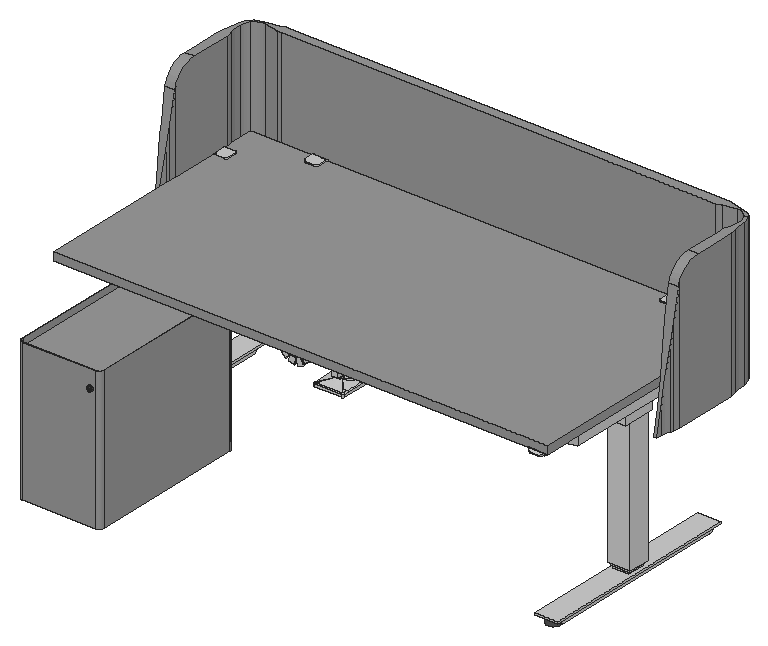
Revit family "Haworth_HiYa_MotorDriven_Rectangle_Desk_EU_PRELIMINARY", category Furniture Systems, Revit 2018
Family settings
  Round Connector Dimension = Use Diameter
  Part Type = Normal
  OmniClass Number = 23.40.70.14.64.21
  OmniClass Title = Systems Furniture
  Work Plane-Based = No
  Always vertical = Yes
  Cut with Voids When Loaded = No
  Shared = No
  Room Calculation Point = No
Parameters (values of type "180w x 90d - with Mobile Pedestal")
  w/o Mobile Pedestal [instance] = not(or(Mobile Pedestal, Hinged Doors, Sliding Door))  # no
  Without Cable Outlet [instance] = not(With Cable Outlet)  # yes
  With Screen [instance] = yes
  With Cable Outlet [instance] = and(or(Cable Outlet U, Cable Outlet Center, Cable Outlet Round))  # no
  Warranty = "http://www.haworth.com/resources/product-info/warranties"
  URL - Product = "https://www.haworth.com/eu/en/products/office-desks/hiya.html"
  Table Finish [instance] = Haworth _ Laminate _ Undecided _ Table
  Suspended Pedestal [instance] = and(or(Open Drawer, Box File, Open with Box Drawer))  # no
  Sliding Door = yes
  Security Drawer [instance] = no
  Screen Width = Actual Width + 2 cm  # 182 cm
  Screen Finish [instance] = Haworth _ Fabric _ Undecided _ Screen
  Pedestal Finish [instance] = Haworth _ Laminate _ Undecided _ Storage
  Open with Box Drawer = no
  Open Drawer = no
  Mobile Pedestal [instance] = and(or(Hinged Doors, Sliding Door))  # yes
  Hinged Doors = no
  Front Finish [instance] = Haworth _ Laminate _ Undecided _ Storage
  Drawer Finish [instance] = Haworth _ Wood _ Undecided _ Tables
  Connection Width = Actual Width - 22 cm  # 158 cm
  Case Finish [instance] = Haworth _ Paint _ Plaster
  Case Bottom Panel Finish [instance] = Haworth _ Wood _ Undecided _ Tables
  Cable Tray Finish [instance] = Haworth _ Polymer _ Undecided
  Cable Tray [instance] = yes
  Cable Chain [instance] = yes
  Cable Outlet U = no
  Cable Outlet Round = no
  Cable Outlet Center = no
  Cable Length = Actual Width - 40 cm  # 140 cm
  Cable Finish [instance] = Haworth _ Paint _ Undecided _ Table
  Model = "HYMLD"  # constant formula
  Min. Height = 65 cm  # constant formula
  Max. Height = 130 cm  # constant formula
  Height = 65 cm  # constant formula
  Description = "Haworth - HiYa - Motor Driven - Rectangular - Desk"  # constant formula
  Width = 180 cm
  URL = "https://www.haworth.com/eu/en.html"
  Table Thickness = 3 cm  # constant formula
  Size = "Verify Final Dim. w/ Haworth"  # constant formula
  Revision Number = "0"  # constant formula
  Standard Widths = "120, 140, 160, 180 cm"  # constant formula
  Standard Depths = "70, 80, 90 cm"  # constant formula
  Min. Width = 120 cm  # constant formula
  Max. Width = 180 cm  # constant formula
  Min. Depth = 70 cm  # constant formula
  Max. Depth = 90 cm  # constant formula
  Manufacturer = "Haworth, Inc."  # constant formula
  Leg Height = Actual Height - Table Thickness  # 62 cm
  Box File = no
  Base Finish [instance] = Haworth _ Paint _ Undecided _ Table
  Author = "Haworth (Abd Rahman)"  # constant formula
  Assembly Code = "E2020200"
  Actual Width = if(Width < Min. Width, Min. Width, if(Width > Max. Width, Max. Width, Width))  # 180 cm
  Actual Height = if(Height > Max. Height, Max. Height, if(Height < Min. Height, Min. Height, Height))  # 65 cm
  Actual Depth = 90 cm
Reference planes (cm)
  plane 1 "Center F/B": y = 0
  plane 2: z = 0
  plane 3 "Center L/R": x = 0
  plane 4 "Table Edge Left": x = -90
  plane 5 "Table Edge Right": x = 90
  plane 6 "Table Edge Back": y = 45
  plane 7 "Table Edge Front": y = -45
  plane 8 "Top": z = 65
  plane 9 "Top Bottom": z = 62
  plane 10 "Left Leg": x = -79
  plane 11 "Right Leg": x = 79
  plane 12 "Table Top": z = 65.81
  plane 13: x = 85.985
  plane 14: y = 35
  plane 15: y = 40
Forms (cm)
  Extrusion 1, solid, material "Haworth _ Laminate _ Undecided _ Table" <- "Table Finish"
    sketch origin (0, 0, 65) x (-1, 0, 0) y (0, -1, 0)
      loop
        line (90, -45) -> (90, 45) -> (-90, 45) -> (-90, -45) -> (90, -45)
    from 0 to -3
Lines and regions (cm)
  Masking region 1
    outline origin (0, 0, 65) x (-1, 0, 0) y (0, -1, 0)
      loop
        line (90, -45) -> (90, 45) -> (-90, 45) -> (-90, -45) -> (90, -45)
  symbolic lines, style "FurnitureSystemsHiddenLines", detail levels medium+fine
    curve 1: line (-79, 2.8828, 65.81) -> (79, 2.8828, 65.81)
    curve 2: line (-79, 14.8972, 65.81) -> (79, 14.8972, 65.81)
Dimensions and locks (cm)
  "Actual Width": plane 4 "Table Edge Left" to plane 5 "Table Edge Right"
  equal spacing: plane 4 "Table Edge Left", plane 3 "Center L/R", plane 5 "Table Edge Right"
  "Actual Depth": plane 6 "Table Edge Back" to plane 7 "Table Edge Front"
  equal spacing: plane 6 "Table Edge Back", plane 1 "Center F/B", plane 7 "Table Edge Front"
  "Actual Height": plane 8 "Top" to level
  "Table Thickness": plane 8 "Top" to plane 9 "Top Bottom"
  locked: plane 4 "Table Edge Left" to plane 10 "Left Leg" at 11
  locked: plane 11 "Right Leg" to plane 5 "Table Edge Right" at 11
  locked: plane 12 "Table Top" to plane 9 "Top Bottom" at 3.81
  locked: plane 11 "Right Leg" to plane 13 at 6.985
  locked: nested 9 to plane 4 "Table Edge Left" at 35
  locked: nested 8 to plane 5 "Table Edge Right" at 35
  locked: plane 14 to plane 6 "Table Edge Back" at 10
  locked: plane 6 "Table Edge Back" to plane 15 at 5
  aligned and locked: plane 4 "Table Edge Left" to Extrusion 1 sketch curve
  aligned and locked: Extrusion 1 sketch curve to plane 6 "Table Edge Back"
  aligned and locked: plane 7 "Table Edge Front" to Extrusion 1 sketch curve
  aligned and locked: Extrusion 1 sketch curve to plane 5 "Table Edge Right"
  aligned and locked: Extrusion 1 to plane 9 "Top Bottom"
  aligned and locked: plane 8 "Top" to Extrusion 1
  aligned and locked: plane 10 "Left Leg" to curve 1
  aligned and locked: plane 10 "Left Leg" to curve 2
  aligned and locked: plane 11 "Right Leg" to curve 1
  aligned and locked: plane 11 "Right Leg" to curve 2
  aligned and locked: plane 5 "Table Edge Right" to Masking region 1
  aligned and locked: plane 4 "Table Edge Left" to Masking region 1
  aligned and locked: Masking region 1 to plane 7 "Table Edge Front"
  aligned and locked: plane 6 "Table Edge Back" to Masking region 1
  aligned and locked: nested 1 to plane 13
  aligned and locked: plane 9 "Top Bottom" to nested 1
  aligned and locked: plane 11 "Right Leg" to nested 2
  aligned and locked: nested 3 to plane 10 "Left Leg"
  aligned and locked: plane 1 "Center F/B" to nested 3
  aligned and locked: plane 10 "Left Leg" to nested 5
  aligned and locked: plane 8 "Top" to nested 6
  aligned and locked: plane 8 "Top" to nested 5
  aligned and locked: plane 3 "Center L/R" to nested 7
  aligned and locked: nested 7 to plane 8 "Top"
  aligned and locked: plane 6 "Table Edge Back" to nested 9
  aligned and locked: nested 8 to Extrusion 1
  aligned and locked: Extrusion 1 to nested 9
  aligned and locked: plane 14 to nested 4
  aligned and locked: plane 3 "Center L/R" to nested 10
  aligned and locked: nested 10 to plane 14
  aligned and locked: plane 9 "Top Bottom" to nested 10
  aligned and locked: plane 11 "Right Leg" to nested 6
  aligned and locked: nested 12 to plane 7 "Table Edge Front"
  aligned and locked: plane 7 "Table Edge Front" to nested 11
  aligned and locked: plane 9 "Top Bottom" to nested 11
  aligned and locked: plane 7 "Table Edge Front" to nested 13
  aligned and locked: plane 9 "Top Bottom" to nested 13
  aligned and locked: nested 11 to nested 2
  aligned and locked: nested 13 to nested 2
  aligned and locked: nested 12 to nested 2
  aligned and locked: nested 4 to nested 10
  aligned and locked: plane 8 "Top" to nested 14
  aligned and locked: nested 14 to plane 3 "Center L/R"
  aligned and locked: nested 8 to plane 6 "Table Edge Back"
  aligned and locked: Extrusion 1 to nested 14
  aligned and locked: nested 7 to plane 15
  aligned and locked: nested 6 to plane 15
  aligned and locked: nested 5 to plane 15
Automatic sketch dimensions
  Masking region 1 sketch curve to plane 5 "Table Edge Right" = 0 cm
  Masking region 1 sketch curve to plane 4 "Table Edge Left" = 0 cm
  Masking region 1 sketch curve to plane 6 "Table Edge Back" = 0 cm
  Masking region 1 sketch curve to plane 7 "Table Edge Front" = 0 cm
  curve 2 to plane 1 "Center F/B" = 14.8972 cm
  curve 1 to plane 1 "Center F/B" = 2.8828 cm
Nested families (cm)
  nested 1: "Haworth_HOPTable_TableController" at (85.985, -45, 61.7256) x (1, 0, 0) z (0, -1, 0), type "Haworth_HOPTable_TableController"
  nested 2: "Haworth_Lyft_Leg_PART" at (83.1275, 0, 0) x (-1, 0, 0) z (0, 0, 1), type "Leg"
    with Cable yes, Tube distance 0 cm, Top Support Front 35.8775 cm, Center Leg yes, Leg Length Middle 23.1775 cm, Leg Length Front 37.1475 cm, Leg Length Back 37.1475 cm, Leg Height 62 cm, Cable Width 158 cm, Actual Depth 69.6913 cm, 29 Depth yes, 23 Depth no
  nested 3: "Haworth_Lyft_Leg_PART" at (-83.1275, 0, 0), type "Leg"
    with Tube distance 0 cm, Top Support Front 35.8775 cm, Center Leg yes, Leg Length Middle 23.1775 cm, Leg Length Front 37.1475 cm, Leg Length Back 37.1475 cm, Leg Height 62 cm, Cable Width 158 cm, Cable no, Actual Depth 69.6913 cm, 29 Depth yes, 23 Depth no
  nested 4: "Haworth_CableChain_PART" at (-99.256, 26.0198, 0) x (-1, 0, 0) z (0, 0, 1), Cable Finish <- "Cable Finish", visible <- "Cable Chain", type "Cable Chain"
    with Cable Finish Haworth _ Paint _ Undecided _ Table
  nested 5: "Haworth_CableOutlet_Round_PART" at (-58.8141, 64.71, 12.7768), visible <- "Cable Outlet Round", type "Cable Outlet"
  nested 6: "Haworth_CableOutlet_Round_PART" at (90.1859, 64.71, 12.7768), visible <- "Cable Outlet Round", type "Cable Outlet"
  nested 7: "Haworth-Flip_Top" at (-1.4487, 34.3667, -8.66), visible <- "Cable Outlet Center", type "Flip Top"
    with Actual Width 20 cm, Actual Depth 11 cm
  nested 8: "Haworth_CableOutlet_U-Shape_PART" at (67.1859, 71.4831, 9.2768), visible <- "Cable Outlet U", type "Cable Outlet"
  nested 9: "Haworth_CableOutlet_U-Shape_PART" at (-67.1859, 71.4831, 9.2768) x (-1, 0, 0) z (0, 0, 1), visible <- "Cable Outlet U", type "Cable Outlet"
  nested 10: "Haworth_Lyft_CableTray_Horizontal-PART" at (0, 25.2, -9.5), visible <- "Cable Tray", type "Cable tray"
    with Actual Width 140 cm
  nested 11: "Haworth_ActiveComponents_SecurityDrawer" at (-59.5531, 2.625, -8.485), visible <- "Security Drawer", Drawer Finish <- "Drawer Finish", Case Finish <- "Case Finish", type "Security Drawer"
    with Drawer Finish Haworth _ Wood _ Undecided _ Tables, Case Finish Haworth _ Paint _ Plaster
  nested 12: "Haworth_MobilePedestal_EU_PRELIMINARY" at (-48.3141, -15.79, 0), visible <- "Mobile Pedestal", Pedestal Finish <- "Pedestal Finish", Front Finish <- "Front Finish", type "Mobile pedestal"
    with Pedestal Finish Haworth _ Laminate _ Undecided _ Storage, Front Finish Haworth _ Laminate _ Undecided _ Storage, Hinged Doors no
  nested 13: "Haworth_ActiveComponents_SuspendedPedestal" at (-67.1731, 2.625, -8.485), visible <- "Suspended Pedestal", Drawer Finish <- "Drawer Finish", Case Finish <- "Case Finish", Case Bottom Panel Finish <- "Case Bottom Panel Finish", type "Box File"
    with Drawer Finish Haworth _ Wood _ Undecided _ Tables, Case Finish Haworth _ Paint _ Plaster, Case Bottom Panel Finish Haworth _ Wood _ Undecided _ Tables
  nested 14: "Haworth_BuzziWrap_DeskFull_53h_LIMITED" at (-57.0494, 42.6881, -27.7475), visible <- "With Screen", Upholstery Finish <- "Screen Finish", type "BuzziWrap - Desk Full"
    with Upholstery Finish Haworth _ Fabric _ Undecided _ Screen, Actual Width 182 cm
Definition of nested family "Haworth_HOPTable_TableController"
  Parameters (values of type "Haworth_HOPTable_TableController")
    Table Finish = none
    Default Elevation = 121.92 cm
  Reference planes (cm)
    plane 1 "Center (Front/Back)": y = 0
    plane 2: z = 0
    plane 3 "Center (Left/Right)": x = 0
  Forms (cm)
    Extrusion 1, solid
      sketch origin (0, 0, 0) x (1, 0, 0) y (0, 1, 0)
        loop
          line (-121.92, 121.92) -> (-121.92, -121.92) -> (121.92, -121.92) -> (121.92, 121.92) -> (-121.92, 121.92)
      from 0 to -30.48
    Extrusion 2, solid, material <- "Table Finish"
      sketch origin (0.0127, 0, -0.9303) x (-1, 0, -0.000024) y (0.000024, 0, -1)
        loop
          line (-2.9544, -0.9302) -> (2.9543, -0.9304)
          spline (2.9543, -0.9304) -> (3.1709, -0.1288) -> (3.0569, 0.6862) -> (2.6242, 1.4297) -> (1.918, 2.0242) -> (1.0118, 2.4076) -> (0.0001, 2.54) -> (-1.0116, 2.4076) -> (-1.9178, 2.0243) -> (-2.6241, 1.4299) -> (-3.0569, 0.6864) -> (-3.1709, -0.1286) -> (-2.9544, -0.9302)
      from -0.2744 to 0.3422
    Extrusion 3, solid
      sketch origin (0.0425, -26.1221, -15.24) x (-1, 0, 0) y (0, -0.5, 0.866025)
        loop
          arc (2.9918, 0) -> (2.4285, 0.7944) -> (1.5926, 1.2941) r 2.3624
          arc (1.5926, 1.2941) -> (0.028, 1.2434) -> (-1.5367, 1.2941) r 24.1479
          arc (-1.5367, 1.2941) -> (-2.3668, 0.7947) -> (-2.9208, 0) r 2.3219
          line (-2.9208, 0) -> (2.9918, 0)
      from 30.2464 to 30.48
  Lines and regions (cm)
    symbolic lines, detail levels medium+fine
      curve 1: arc (2.9879, 0, 0) -> (2.4057, 0, 0.7041) -> (1.5926, 0, 1.1208) r 2.2646
      curve 2: arc (1.5926, 0, 1.1208) -> (0.028, 0, 1.0775) -> (-1.5367, 0, 1.1208) r 28.2965
      curve 3: arc (-1.5367, 0, 1.1208) -> (-2.3476, 0, 0.7072) -> (-2.9208, 0, 0) r 2.1934
  Dimensions and locks (cm)
    aligned and locked: plane 2 to Extrusion 1
    aligned and locked: level to Extrusion 1
Definition of nested family "Haworth_Lyft_Leg_PART"
  Parameters (values of type "Leg")
    Tube distance = if(Center Leg, 0 cm, if([29 Depth], 8.89 cm, 8.255 cm))  # 8.255 cm
    Top Support Front = if([29 Depth], 35.8775 cm, 20.6375 cm)  # 20.6375 cm
    Center Leg = no
    Support Finish = none
    Leg Length Middle = if([29 Depth], 23.1775 cm, 18.0975 cm)  # 18.0975 cm
    Leg Length Front = if([29 Depth], 37.1475 cm, 29.5275 cm)  # 29.5275 cm
    Leg Length Back = if([29 Depth], 37.1475 cm, 29.5275 cm)  # 29.5275 cm
    Leg Height = 85.8838 cm
    Leg Finish = none
    Cable Width = 63.5 cm
    Cable [instance] = yes
    Assembly Code = ""
    Actual Depth = if([29 Depth], 69.6913 cm, 54.4513 cm)  # 54.4513 cm
    29 Depth = not([23 Depth])  # no
    23 Depth = yes
  Reference planes (cm)
    plane 1 "Center (Front/Back)": y = 0
    plane 2 "Base": z = 0
    plane 3 "Center (Left/Right)": x = 0
    plane 4 "Bottom of Top": z = 85.8838
    plane 5 "Top of Base": z = 3.1736
    plane 6: z = 2.3735
    plane 7: y = 26.035
    plane 8: y = -26.035
    plane 9 "bot leg": x = 3.4925
    plane 10: x = -3.4925
    plane 11: x = -4.1275
    plane 12: x = 4.1275
    plane 13 "Back": y = 29.5275
    plane 14 "Front": y = -29.5275
    plane 15: z = 16.0492
    plane 16: z = 28.9247
    plane 17 "Horizontal Support Base": z = 77.3247
    plane 18: y = 11.255
    plane 19: y = 11.755
    plane 20: y = 12.255
    plane 21: y = 5.255
    plane 22: y = 4.755
    plane 23: y = 4.255
    plane 24: z = 0.6934
    plane 25: y = 27.6225
    plane 26: y = -27.6225
    plane 27: y = -23.781
    plane 28: y = 23.781
    plane 29: z = 85.2266
    plane 30: z = 82.7832
    plane 31 "Center tube": y = 8.255
    plane 32 "Table Top": z = 89.6937
    plane 33: x = 67.6275
  Forms (cm)
    Extrusion 1, solid, material <- "Leg Finish"
      sketch origin (0, 0, 0) x (0, -1, 0) y (0, 0, -1)
        loop
          line (29.5275, -3.1736) -> (29.5275, -2.3735) -> (-29.5275, -2.3735) -> (-29.5275, -3.1736) -> (29.5275, -3.1736)
      from -4.1275 to 4.1275
    Extrusion 2, solid, material <- "Support Finish"
      sketch origin (0, 0, 0) x (1, 0, 0) y (0, 1, 0)
        loop
          circle (0, 26.035) r 2.54
        loop
          circle (0, -26.035) r 2.54
      from 0 to 2.3735
    Extrusion 3, solid, material <- "Leg Finish"
      sketch origin (1.4125, 0.4568, 0) x (1, 0, 0) y (0, 1, 0)
        loop
          line (-4.4125, 10.7982) -> (-4.4125, 4.7982) -> (1.5875, 4.7982) -> (1.5875, 10.7982) -> (-4.4125, 10.7982)
      from 3.1736 to 16.0492
    Extrusion 4, solid, material <- "Leg Finish"
      sketch origin (0, -13.3632, 0) x (1, 0, 0) y (0, 1, 0)
        loop
          line (-3.4925, 25.1182) -> (-3.4925, 18.1182) -> (3.4925, 18.1182) -> (3.4925, 25.1182) -> (-3.4925, 25.1182)
      from 16.0492 to 28.9247
    Extrusion 5, solid, material <- "Leg Finish"
      sketch origin (0, -13.3632, 0) x (1, 0, 0) y (0, 1, 0)
        loop
          line (-4.1275, 25.6182) -> (-4.1275, 17.6182) -> (4.1275, 17.6182) -> (4.1275, 25.6182) -> (-4.1275, 25.6182)
      from 28.9247 to 77.3247
    Extrusion 6, solid, material <- "Leg Finish"
      sketch origin (0, -13.3632, 0) x (0, 1, 0) y (0, 0, 1)
        loop
          line (13.2182, 85.8837) -> (13.2182, 85.2266) -> (15.611, 85.2266) -> (15.611, 77.3247) -> (27.6253, 77.3247) -> (27.6253, 85.2266) -> (30.0182, 85.2266) -> (30.0182, 85.8837) -> (13.2182, 85.8837)
      from -4.1275 to 4.1275
    Extrusion 7, solid, material <- "Leg Finish"
      sketch origin (0, 0, 0) x (1, 0, 0) y (0, 0, 1)
        loop
          line (-6.907, 85.8838) -> (-6.907, 82.7832) -> (-4.1275, 82.7832) -> (-4.1275, 85.8838) -> (-6.907, 85.8838)
      from -23.781 to 23.781
    Extrusion 8, solid, material <- "Leg Finish"
      sketch origin (0, 0, 0) x (0, 1, 0) y (0, 0, 1)
        loop
          line (23.781, 85.8837) -> (23.781, 82.7832) -> (27.6225, 85.2468) -> (27.6225, 85.8837) -> (23.781, 85.8837)
        loop
          line (-23.781, 82.7832) -> (-23.781, 85.8837) -> (-27.6225, 85.8837) -> (-27.6225, 85.2468) -> (-23.781, 82.7832)
      from -6.907 to -4.1275
    Extrusion 9, solid, material <- "Leg Finish"
      sketch origin (3.4925, 0, 0) x (0, -1, 0) y (0, 0, -1)
        loop
          line (27.6225, -2.3735) -> (26.035, -0.6934) -> (-26.035, -0.6934) -> (-27.6225, -2.3735) -> (27.6225, -2.3735)
      from 0 to -6.985
    Extrusion 10, solid, material <- "Leg Finish", visible <- "Cable"
      sketch origin (0, 0, 0) x (0, 1, 0) y (0, 0, 1)
        loop
          line (14.2622, 77.3247) -> (14.2622, 85.2266) -> (2.2478, 85.2266) -> (2.2478, 77.3247) -> (14.2622, 77.3247)
      from 4.1275 to 67.6275
  Lines and regions (cm)
    symbolic lines, detail levels medium+fine
      curve 1: line (-4.1275, 29.5275, 0) -> (4.1275, 29.5275, 0)
      curve 2: line (-4.1275, -29.5275, 0) -> (-4.1275, 29.5275, 0)
      curve 3: line (4.1275, -29.5275, 0) -> (-4.1275, -29.5275, 0)
      curve 4: line (4.1275, 29.5275, 0) -> (4.1275, -29.5275, 0)
      curve 5: line (-4.1275, 29.5275, 89.6938) -> (4.1275, 29.5275, 89.6938)
      curve 6: line (-4.1275, 29.5275, 89.6938) -> (-4.1275, -29.5275, 89.6937)
      curve 7: line (-4.1275, -29.5275, 89.6937) -> (4.1275, -29.5275, 89.6937)
      curve 8: line (4.1275, -29.5275, 89.6937) -> (4.1275, 29.5275, 89.6938)
      curve 9: line (-4.1275, 16.655, 89.6938) -> (4.1275, 16.655, 89.6938)
      curve 10: line (4.1275, 2.2478, 89.6937) -> (-4.1275, 2.2478, 89.6937)
  Dimensions and locks (cm)
    "Leg Height": plane 4 "Bottom of Top" to level
    locked: plane 10 to plane 9 "bot leg" at 6.985
    locked: plane 11 to plane 12 at 8.255
    equal spacing: plane 11, plane 3 "Center (Left/Right)", plane 12
    equal spacing: plane 10, plane 3 "Center (Left/Right)", plane 9 "bot leg"
    "Leg Length Front": plane 14 "Front" to plane 1 "Center (Front/Back)"
    "Leg Length Back": plane 1 "Center (Front/Back)" to plane 13 "Back"
    locked: plane 4 "Bottom of Top" to plane 17 "Horizontal Support Base" at 8.5591
    locked: plane 17 "Horizontal Support Base" to plane 16 at 48.4
    locked: plane 5 "Top of Base" to plane 6 at 0.8001
    plane 13 "Back" to plane 7 = 3.4925 cm
    locked: plane 8 to plane 14 "Front" at 3.4925
    locked: plane 6 to level at 2.3735
    locked: plane 7 to plane 25 at 1.5875
    locked: plane 26 to plane 8 at 1.5875
    locked: plane 27 to plane 14 "Front" at 5.7465
    locked: plane 13 "Back" to plane 28 at 5.7465
    locked: plane 4 "Bottom of Top" to plane 29 at 0.6571
    locked: plane 4 "Bottom of Top" to plane 30 at 3.1005
    locked: plane 22 to plane 21 at 0.5
    locked: plane 22 to plane 23 at 0.5
    locked: plane 21 to plane 31 "Center tube" at 3
    locked: plane 19 to plane 18 at 0.5
    locked: plane 19 to plane 20 at 0.5
    locked: plane 31 "Center tube" to plane 18 at 3
    "Tube distance": plane 31 "Center tube" to plane 1 "Center (Front/Back)"
    equal spacing: plane 16, plane 15, plane 5 "Top of Base"
    locked: Extrusion 8 to Extrusion 8 at 2.7795
    locked: plane 32 "Table Top" to plane 4 "Bottom of Top" at 3.81
    "Cable Width": plane 12 to plane 33
    aligned and locked: plane 12 to Extrusion 1
    aligned and locked: Extrusion 1 to plane 11
    aligned and locked: plane 18 to Extrusion 3
    aligned and locked: plane 21 to Extrusion 3
    aligned and locked: plane 5 "Top of Base" to Extrusion 3
    aligned and locked: plane 15 to Extrusion 3
    aligned and locked: plane 19 to Extrusion 4 sketch curve
    aligned and locked: plane 10 to Extrusion 4 sketch curve
    aligned and locked: plane 22 to Extrusion 4 sketch curve
    aligned and locked: Extrusion 4 sketch curve to plane 9 "bot leg"
    aligned and locked: Extrusion 4 to plane 15
    aligned and locked: plane 16 to Extrusion 4
    aligned and locked: plane 11 to Extrusion 5 sketch curve
    aligned and locked: plane 20 to Extrusion 5 sketch curve
    aligned and locked: Extrusion 5 sketch curve to plane 12
    aligned and locked: plane 23 to Extrusion 5 sketch curve
    aligned and locked: Extrusion 5 to plane 16
    aligned and locked: Extrusion 5 to plane 17 "Horizontal Support Base"
    aligned and locked: level to plane 2 "Base"
    aligned and locked: Extrusion 7 to plane 28
    aligned and locked: Extrusion 7 to plane 27
    aligned and locked: Extrusion 8 to Extrusion 7
    aligned and locked: Extrusion 8 to Extrusion 6
    aligned and locked: curve 4 to plane 12
    aligned and locked: plane 14 "Front" to curve 3
    aligned and locked: plane 11 to curve 2
    aligned and locked: Extrusion 7 to Extrusion 6
    aligned and locked: plane 4 "Bottom of Top" to Extrusion 7
    aligned and locked: plane 4 "Bottom of Top" to Extrusion 8  (x2)
    aligned and locked: plane 25 to Extrusion 8
    aligned and locked: Extrusion 8 to plane 26
    aligned and locked: plane 4 "Bottom of Top" to Extrusion 6
    aligned and locked: Extrusion 6 to plane 29  (x2)
    aligned and locked: Extrusion 7 to plane 30
    aligned and locked: Extrusion 6 to plane 11
    aligned and locked: plane 12 to Extrusion 6
    aligned and locked: Extrusion 9 to plane 10
    aligned and locked: Extrusion 2 to plane 6
    aligned and locked: Extrusion 10 sketch curve to Extrusion 6  (x3)
    aligned and locked: Extrusion 6 to Extrusion 10 sketch curve
    aligned and locked: Extrusion 10 to plane 12
    aligned and locked: Extrusion 10 to plane 33
  Automatic sketch dimensions
    plane 5 "Top of Base" to Extrusion 1 sketch curve = 0 cm
    Extrusion 1 sketch curve to plane 13 "Back" = 0 cm
    plane 6 to Extrusion 1 sketch curve = 0 cm
    Extrusion 1 sketch curve to plane 14 "Front" = 0 cm
    Extrusion 2 sketch curve to plane 3 "Center (Left/Right)" = 0 cm  (x2)
    Extrusion 2 sketch curve to plane 8 = 0 cm
    Extrusion 2 sketch curve to plane 7 = 0 cm
    plane 21 to Extrusion 3 sketch curve = 0 cm
    Extrusion 3 sketch curve to plane 18 = 0 cm
    plane 17 "Horizontal Support Base" to Extrusion 6 sketch curve = 0 cm
    plane 30 to Extrusion 6 sketch curve = 3.1005 cm
    Extrusion 6 sketch curve to plane 23 = 4.4 cm
    Extrusion 6 sketch curve to plane 23 = 2.0072 cm
    Extrusion 6 sketch curve to plane 20 = 2.0072 cm
    plane 30 to Extrusion 6 sketch curve = 2.4434 cm  (x2)
    Extrusion 6 sketch curve to Extrusion 6 sketch curve = 2.3928 cm
    Extrusion 7 sketch curve to plane 4 "Bottom of Top" = 0 cm
    Extrusion 7 sketch curve to plane 30 = 0 cm
    Extrusion 7 sketch curve to plane 11 = 2.7795 cm
    Extrusion 7 sketch curve to plane 11 = 0 cm
    Extrusion 8 sketch curve to plane 27 = 0 cm
    Extrusion 8 sketch curve to plane 4 "Bottom of Top" = 0 cm  (x2)
    Extrusion 8 sketch curve to plane 28 = 0 cm
    Extrusion 8 sketch curve to plane 30 = 0 cm  (x2)
    plane 29 to Extrusion 8 sketch curve = 0.0202 cm  (x2)
    curve 2 to plane 13 "Back" = 0 cm
    plane 26 to Extrusion 8 sketch curve = 0 cm
    Extrusion 8 sketch curve to plane 25 = 0 cm
    plane 6 to Extrusion 9 sketch curve = 0 cm
    Extrusion 9 sketch curve to plane 25 = 0 cm
    Extrusion 9 sketch curve to plane 7 = 0 cm
    Extrusion 9 sketch curve to plane 8 = 0 cm
    Extrusion 9 sketch curve to plane 26 = 0 cm
    Extrusion 9 sketch curve to plane 24 = 0 cm
    plane 10 to Extrusion 3 sketch curve = 0.4925 cm
    Extrusion 3 sketch curve to plane 9 "bot leg" = 0.4925 cm
    curve 10 to plane 12 = 0 cm
    curve 6 to plane 11 = 0 cm
    curve 5 to plane 13 "Back" = 0 cm
    curve 7 to plane 14 "Front" = 0 cm
    curve 9 to plane 20 = 4.4 cm
    curve 10 to plane 23 = 2.0072 cm
    radius of Extrusion 2 sketch curve = 2.54 cm  (x2)
Definition of nested family "Haworth_CableChain_PART"
  Parameters (values of type "Cable Chain")
    Warranty = "http://haworth.com/product-info/warranties"
    Model = "Cable - Chain"  # constant formula
    Description = "Haworth - Cable - Chain - PART"  # constant formula
    URL = "http://www.haworth.com/"
    Table Thickness = 3.0163 cm  # constant formula
    Size = "Verify Final Dim. w/ Haworth"  # constant formula
    Revision Number = "1"  # constant formula
    Manufacturer = "Haworth, Inc."  # constant formula
    Cable Finish [instance] = none
    Author = "Haworth (Abd Rahman)"  # constant formula
    Assembly Code = "E2020200"
    Actual Width = 26 cm  # constant formula
    Actual Depth = 11 cm  # constant formula
  Reference planes (cm)
    plane 1: z = 0.0356
    plane 2: z = 0.7856
    plane 3 "Right": x = -29.256
    plane 4: x = -55.256
    plane 5: x = -42.256
    plane 6: y = 14.4802
    plane 7 "Front": y = 3.4802
    plane 8: y = 8.9802
    plane 9: z = 64.6419
  Forms (cm)
    Extrusion 1, solid, material <- "Cable Finish"
      sketch origin (0, 0, 0) x (1, 0, 0) y (0, 1, 0)
        loop
          line (-31.4914, 6.356) -> (-29.2212, 6.356) -> (-29.2212, 8.4975) -> (-29.4395, 8.4975) -> (-29.4395, 6.5743) -> (-31.2731, 6.5743) -> (-31.2731, 8.0316) -> (-30.8348, 8.3162) -> (-30.7166, 8.3162)
          arc (-30.7166, 8.3162) -> (-30.5227, 8.1637) -> (-30.2834, 8.1035) r 0.5925
          arc (-30.2834, 8.1035) -> (-29.7912, 8.4282) -> (-29.7561, 9.0168) r 0.6587
          line (-29.7561, 9.0168) -> (-29.2212, 9.3641) -> (-29.2212, 11.1583) -> (-31.4914, 11.1583) -> (-31.4914, 9.0168) -> (-31.2731, 9.0168) -> (-31.2731, 10.94) -> (-29.4395, 10.94) -> (-29.4395, 9.4826) -> (-29.8756, 9.1995)
          arc (-29.8756, 9.1995) -> (-30.0829, 9.3502) -> (-30.3323, 9.4092) r 0.6506
          arc (-30.3323, 9.4092) -> (-30.8947, 9.1248) -> (-30.9565, 8.4975) r 0.6547
          line (-30.9565, 8.4975) -> (-31.4914, 8.1501) -> (-31.4914, 6.356)
        loop
          line (-30.7108, 8.3818) -> (-30.0071, 8.3818) -> (-30.0071, 9.114) -> (-30.7108, 9.114) -> (-30.7108, 8.3818)
      from 58.8372 to 60.9328
    Extrusion 2, solid, material <- "Cable Finish"
      sketch origin (0, 3.4802, 0) x (-1, 0, 0) y (0, 0, 1)
        loop
          line (30.5665, 62.5725) -> (30.1633, 62.5725) -> (30.1633, 9.3599) -> (30.3551, 7.697) -> (31.5384, 5.8367) -> (32.9169, 4.9599) -> (34.4915, 4.3965) -> (36.7568, 4.6406) -> (38.1352, 5.478) -> (39.2801, 6.5848) -> (39.9527, 8.4536) -> (39.9629, 25.9332) -> (40.4458, 27.353) -> (41.0078, 28.3) -> (41.746, 29.1036) -> (42.6321, 29.725) -> (43.6378, 30.1258) -> (45.2838, 30.3388) -> (46.8479, 29.7792) -> (47.7401, 29.2117) -> (48.4845, 28.4673) -> (49.052, 27.5751) -> (49.4138, 26.5641) -> (49.5412, 25.4598) -> (49.5412, 3.3086) -> (49.946, 3.3086) -> (49.946, 25.483) -> (49.8106, 26.6566) -> (49.4179, 27.7541) -> (48.8022, 28.722) -> (47.9949, 29.5293) -> (47.0269, 30.1451) -> (45.3285, 30.7528) -> (43.5353, 30.5207) -> (42.4383, 30.0836) -> (41.4776, 29.4098) -> (40.6812, 28.5429) -> (40.0762, 27.5233) -> (39.5582, 26.0003) -> (39.548, 8.5243) -> (38.9311, 6.8104) -> (37.8864, 5.8004) -> (36.6238, 5.0334) -> (34.5404, 4.8089) -> (33.096, 5.3257) -> (32.2587, 5.8583) -> (31.56, 6.5571) -> (30.7466, 7.8358) -> (30.5665, 9.3966) -> (30.5665, 62.5725)
      from 4.9254 to 5.6239
    Extrusion 3, solid, material <- "Cable Finish"
      sketch origin (0, 0, -2.7231) x (1, 0, 0) y (0, 1, 0)
        loop
          line (-31.4914, 6.356) -> (-29.2212, 6.356) -> (-29.2212, 8.4975) -> (-29.4395, 8.4975) -> (-29.4395, 6.5743) -> (-31.2731, 6.5743) -> (-31.2731, 8.0316) -> (-30.8348, 8.3162) -> (-30.7166, 8.3162)
          arc (-30.7166, 8.3162) -> (-30.5227, 8.1637) -> (-30.2834, 8.1035) r 0.5925
          arc (-30.2834, 8.1035) -> (-29.7912, 8.4282) -> (-29.7561, 9.0168) r 0.6587
          line (-29.7561, 9.0168) -> (-29.2212, 9.3641) -> (-29.2212, 11.1583) -> (-31.4914, 11.1583) -> (-31.4914, 9.0168) -> (-31.2731, 9.0168) -> (-31.2731, 10.94) -> (-29.4395, 10.94) -> (-29.4395, 9.4826) -> (-29.8756, 9.1995)
          arc (-29.8756, 9.1995) -> (-30.0829, 9.3502) -> (-30.3323, 9.4092) r 0.6506
          arc (-30.3323, 9.4092) -> (-30.8947, 9.1248) -> (-30.9565, 8.4975) r 0.6547
          line (-30.9565, 8.4975) -> (-31.4914, 8.1501) -> (-31.4914, 6.356)
        loop
          line (-30.7108, 8.3818) -> (-30.0071, 8.3818) -> (-30.0071, 9.114) -> (-30.7108, 9.114) -> (-30.7108, 8.3818)
      from 58.8372 to 60.9328
    Extrusion 4, solid, material <- "Cable Finish"
      sketch origin (0, 0, -5.4668) x (1, 0, 0) y (0, 1, 0)
        loop
          line (-31.4914, 6.356) -> (-29.2212, 6.356) -> (-29.2212, 8.4975) -> (-29.4395, 8.4975) -> (-29.4395, 6.5743) -> (-31.2731, 6.5743) -> (-31.2731, 8.0316) -> (-30.8348, 8.3162) -> (-30.7166, 8.3162)
          arc (-30.7166, 8.3162) -> (-30.5227, 8.1637) -> (-30.2834, 8.1035) r 0.5925
          arc (-30.2834, 8.1035) -> (-29.7912, 8.4282) -> (-29.7561, 9.0168) r 0.6587
          line (-29.7561, 9.0168) -> (-29.2212, 9.3641) -> (-29.2212, 11.1583) -> (-31.4914, 11.1583) -> (-31.4914, 9.0168) -> (-31.2731, 9.0168) -> (-31.2731, 10.94) -> (-29.4395, 10.94) -> (-29.4395, 9.4826) -> (-29.8756, 9.1995)
          arc (-29.8756, 9.1995) -> (-30.0829, 9.3502) -> (-30.3323, 9.4092) r 0.6506
          arc (-30.3323, 9.4092) -> (-30.8947, 9.1248) -> (-30.9565, 8.4975) r 0.6547
          line (-30.9565, 8.4975) -> (-31.4914, 8.1501) -> (-31.4914, 6.356)
        loop
          line (-30.7108, 8.3818) -> (-30.0071, 8.3818) -> (-30.0071, 9.114) -> (-30.7108, 9.114) -> (-30.7108, 8.3818)
      from 58.8372 to 60.9328
    Extrusion 5, solid, material <- "Cable Finish"
      sketch origin (0, 0, -8.1899) x (1, 0, 0) y (0, 1, 0)
        loop
          line (-31.4914, 6.356) -> (-29.2212, 6.356) -> (-29.2212, 8.4975) -> (-29.4395, 8.4975) -> (-29.4395, 6.5743) -> (-31.2731, 6.5743) -> (-31.2731, 8.0316) -> (-30.8348, 8.3162) -> (-30.7166, 8.3162)
          arc (-30.7166, 8.3162) -> (-30.5227, 8.1637) -> (-30.2834, 8.1035) r 0.5925
          arc (-30.2834, 8.1035) -> (-29.7912, 8.4282) -> (-29.7561, 9.0168) r 0.6587
          line (-29.7561, 9.0168) -> (-29.2212, 9.3641) -> (-29.2212, 11.1583) -> (-31.4914, 11.1583) -> (-31.4914, 9.0168) -> (-31.2731, 9.0168) -> (-31.2731, 10.94) -> (-29.4395, 10.94) -> (-29.4395, 9.4826) -> (-29.8756, 9.1995)
          arc (-29.8756, 9.1995) -> (-30.0829, 9.3502) -> (-30.3323, 9.4092) r 0.6506
          arc (-30.3323, 9.4092) -> (-30.8947, 9.1248) -> (-30.9565, 8.4975) r 0.6547
          line (-30.9565, 8.4975) -> (-31.4914, 8.1501) -> (-31.4914, 6.356)
        loop
          line (-30.7108, 8.3818) -> (-30.0071, 8.3818) -> (-30.0071, 9.114) -> (-30.7108, 9.114) -> (-30.7108, 8.3818)
      from 58.8372 to 60.9328
    Extrusion 6, solid, material <- "Cable Finish"
      sketch origin (0, 0, -10.913) x (1, 0, 0) y (0, 1, 0)
        loop
          line (-31.4914, 6.356) -> (-29.2212, 6.356) -> (-29.2212, 8.4975) -> (-29.4395, 8.4975) -> (-29.4395, 6.5743) -> (-31.2731, 6.5743) -> (-31.2731, 8.0316) -> (-30.8348, 8.3162) -> (-30.7166, 8.3162)
          arc (-30.7166, 8.3162) -> (-30.5227, 8.1637) -> (-30.2834, 8.1035) r 0.5925
          arc (-30.2834, 8.1035) -> (-29.7912, 8.4282) -> (-29.7561, 9.0168) r 0.6587
          line (-29.7561, 9.0168) -> (-29.2212, 9.3641) -> (-29.2212, 11.1583) -> (-31.4914, 11.1583) -> (-31.4914, 9.0168) -> (-31.2731, 9.0168) -> (-31.2731, 10.94) -> (-29.4395, 10.94) -> (-29.4395, 9.4826) -> (-29.8756, 9.1995)
          arc (-29.8756, 9.1995) -> (-30.0829, 9.3502) -> (-30.3323, 9.4092) r 0.6506
          arc (-30.3323, 9.4092) -> (-30.8947, 9.1248) -> (-30.9565, 8.4975) r 0.6547
          line (-30.9565, 8.4975) -> (-31.4914, 8.1501) -> (-31.4914, 6.356)
        loop
          line (-30.7108, 8.3818) -> (-30.0071, 8.3818) -> (-30.0071, 9.114) -> (-30.7108, 9.114) -> (-30.7108, 8.3818)
      from 58.8372 to 60.9328
    Extrusion 7, solid, material <- "Cable Finish"
      sketch origin (0, 0, -13.6361) x (1, 0, 0) y (0, 1, 0)
        loop
          line (-31.4914, 6.356) -> (-29.2212, 6.356) -> (-29.2212, 8.4975) -> (-29.4395, 8.4975) -> (-29.4395, 6.5743) -> (-31.2731, 6.5743) -> (-31.2731, 8.0316) -> (-30.8348, 8.3162) -> (-30.7166, 8.3162)
          arc (-30.7166, 8.3162) -> (-30.5227, 8.1637) -> (-30.2834, 8.1035) r 0.5925
          arc (-30.2834, 8.1035) -> (-29.7912, 8.4282) -> (-29.7561, 9.0168) r 0.6587
          line (-29.7561, 9.0168) -> (-29.2212, 9.3641) -> (-29.2212, 11.1583) -> (-31.4914, 11.1583) -> (-31.4914, 9.0168) -> (-31.2731, 9.0168) -> (-31.2731, 10.94) -> (-29.4395, 10.94) -> (-29.4395, 9.4826) -> (-29.8756, 9.1995)
          arc (-29.8756, 9.1995) -> (-30.0829, 9.3502) -> (-30.3323, 9.4092) r 0.6506
          arc (-30.3323, 9.4092) -> (-30.8947, 9.1248) -> (-30.9565, 8.4975) r 0.6547
          line (-30.9565, 8.4975) -> (-31.4914, 8.1501) -> (-31.4914, 6.356)
        loop
          line (-30.7108, 8.3818) -> (-30.0071, 8.3818) -> (-30.0071, 9.114) -> (-30.7108, 9.114) -> (-30.7108, 8.3818)
      from 58.8372 to 60.9328
    Extrusion 8, solid, material <- "Cable Finish"
      sketch origin (0, 0, -19.1013) x (1, 0, 0) y (0, 1, 0)
        loop
          line (-31.4914, 6.356) -> (-29.2212, 6.356) -> (-29.2212, 8.4975) -> (-29.4395, 8.4975) -> (-29.4395, 6.5743) -> (-31.2731, 6.5743) -> (-31.2731, 8.0316) -> (-30.8348, 8.3162) -> (-30.7166, 8.3162)
          arc (-30.7166, 8.3162) -> (-30.5227, 8.1637) -> (-30.2834, 8.1035) r 0.5925
          arc (-30.2834, 8.1035) -> (-29.7912, 8.4282) -> (-29.7561, 9.0168) r 0.6587
          line (-29.7561, 9.0168) -> (-29.2212, 9.3641) -> (-29.2212, 11.1583) -> (-31.4914, 11.1583) -> (-31.4914, 9.0168) -> (-31.2731, 9.0168) -> (-31.2731, 10.94) -> (-29.4395, 10.94) -> (-29.4395, 9.4826) -> (-29.8756, 9.1995)
          arc (-29.8756, 9.1995) -> (-30.0829, 9.3502) -> (-30.3323, 9.4092) r 0.6506
          arc (-30.3323, 9.4092) -> (-30.8947, 9.1248) -> (-30.9565, 8.4975) r 0.6547
          line (-30.9565, 8.4975) -> (-31.4914, 8.1501) -> (-31.4914, 6.356)
        loop
          line (-30.7108, 8.3818) -> (-30.0071, 8.3818) -> (-30.0071, 9.114) -> (-30.7108, 9.114) -> (-30.7108, 8.3818)
      from 58.8372 to 60.9328
    Extrusion 9, solid, material <- "Cable Finish"
      sketch origin (0, 0, -21.8244) x (1, 0, 0) y (0, 1, 0)
        loop
          line (-31.4914, 6.356) -> (-29.2212, 6.356) -> (-29.2212, 8.4975) -> (-29.4395, 8.4975) -> (-29.4395, 6.5743) -> (-31.2731, 6.5743) -> (-31.2731, 8.0316) -> (-30.8348, 8.3162) -> (-30.7166, 8.3162)
          arc (-30.7166, 8.3162) -> (-30.5227, 8.1637) -> (-30.2834, 8.1035) r 0.5925
          arc (-30.2834, 8.1035) -> (-29.7912, 8.4282) -> (-29.7561, 9.0168) r 0.6587
          line (-29.7561, 9.0168) -> (-29.2212, 9.3641) -> (-29.2212, 11.1583) -> (-31.4914, 11.1583) -> (-31.4914, 9.0168) -> (-31.2731, 9.0168) -> (-31.2731, 10.94) -> (-29.4395, 10.94) -> (-29.4395, 9.4826) -> (-29.8756, 9.1995)
          arc (-29.8756, 9.1995) -> (-30.0829, 9.3502) -> (-30.3323, 9.4092) r 0.6506
          arc (-30.3323, 9.4092) -> (-30.8947, 9.1248) -> (-30.9565, 8.4975) r 0.6547
          line (-30.9565, 8.4975) -> (-31.4914, 8.1501) -> (-31.4914, 6.356)
        loop
          line (-30.7108, 8.3818) -> (-30.0071, 8.3818) -> (-30.0071, 9.114) -> (-30.7108, 9.114) -> (-30.7108, 8.3818)
      from 58.8372 to 60.9328
    Extrusion 10, solid, material <- "Cable Finish"
      sketch origin (0, 0, -24.5682) x (1, 0, 0) y (0, 1, 0)
        loop
          line (-31.4914, 6.356) -> (-29.2212, 6.356) -> (-29.2212, 8.4975) -> (-29.4395, 8.4975) -> (-29.4395, 6.5743) -> (-31.2731, 6.5743) -> (-31.2731, 8.0316) -> (-30.8348, 8.3162) -> (-30.7166, 8.3162)
          arc (-30.7166, 8.3162) -> (-30.5227, 8.1637) -> (-30.2834, 8.1035) r 0.5925
          arc (-30.2834, 8.1035) -> (-29.7912, 8.4282) -> (-29.7561, 9.0168) r 0.6587
          line (-29.7561, 9.0168) -> (-29.2212, 9.3641) -> (-29.2212, 11.1583) -> (-31.4914, 11.1583) -> (-31.4914, 9.0168) -> (-31.2731, 9.0168) -> (-31.2731, 10.94) -> (-29.4395, 10.94) -> (-29.4395, 9.4826) -> (-29.8756, 9.1995)
          arc (-29.8756, 9.1995) -> (-30.0829, 9.3502) -> (-30.3323, 9.4092) r 0.6506
          arc (-30.3323, 9.4092) -> (-30.8947, 9.1248) -> (-30.9565, 8.4975) r 0.6547
          line (-30.9565, 8.4975) -> (-31.4914, 8.1501) -> (-31.4914, 6.356)
        loop
          line (-30.7108, 8.3818) -> (-30.0071, 8.3818) -> (-30.0071, 9.114) -> (-30.7108, 9.114) -> (-30.7108, 8.3818)
      from 58.8372 to 60.9328
    Extrusion 11, solid, material <- "Cable Finish"
      sketch origin (0, 0, -27.2913) x (1, 0, 0) y (0, 1, 0)
        loop
          line (-31.4914, 6.356) -> (-29.2212, 6.356) -> (-29.2212, 8.4975) -> (-29.4395, 8.4975) -> (-29.4395, 6.5743) -> (-31.2731, 6.5743) -> (-31.2731, 8.0316) -> (-30.8348, 8.3162) -> (-30.7166, 8.3162)
          arc (-30.7166, 8.3162) -> (-30.5227, 8.1637) -> (-30.2834, 8.1035) r 0.5925
          arc (-30.2834, 8.1035) -> (-29.7912, 8.4282) -> (-29.7561, 9.0168) r 0.6587
          line (-29.7561, 9.0168) -> (-29.2212, 9.3641) -> (-29.2212, 11.1583) -> (-31.4914, 11.1583) -> (-31.4914, 9.0168) -> (-31.2731, 9.0168) -> (-31.2731, 10.94) -> (-29.4395, 10.94) -> (-29.4395, 9.4826) -> (-29.8756, 9.1995)
          arc (-29.8756, 9.1995) -> (-30.0829, 9.3502) -> (-30.3323, 9.4092) r 0.6506
          arc (-30.3323, 9.4092) -> (-30.8947, 9.1248) -> (-30.9565, 8.4975) r 0.6547
          line (-30.9565, 8.4975) -> (-31.4914, 8.1501) -> (-31.4914, 6.356)
        loop
          line (-30.7108, 8.3818) -> (-30.0071, 8.3818) -> (-30.0071, 9.114) -> (-30.7108, 9.114) -> (-30.7108, 8.3818)
      from 58.8372 to 60.9328
    Extrusion 12, solid, material <- "Cable Finish"
      sketch origin (0, 0, -30.0143) x (1, 0, 0) y (0, 1, 0)
        loop
          line (-31.4914, 6.356) -> (-29.2212, 6.356) -> (-29.2212, 8.4975) -> (-29.4395, 8.4975) -> (-29.4395, 6.5743) -> (-31.2731, 6.5743) -> (-31.2731, 8.0316) -> (-30.8348, 8.3162) -> (-30.7166, 8.3162)
          arc (-30.7166, 8.3162) -> (-30.5227, 8.1637) -> (-30.2834, 8.1035) r 0.5925
          arc (-30.2834, 8.1035) -> (-29.7912, 8.4282) -> (-29.7561, 9.0168) r 0.6587
          line (-29.7561, 9.0168) -> (-29.2212, 9.3641) -> (-29.2212, 11.1583) -> (-31.4914, 11.1583) -> (-31.4914, 9.0168) -> (-31.2731, 9.0168) -> (-31.2731, 10.94) -> (-29.4395, 10.94) -> (-29.4395, 9.4826) -> (-29.8756, 9.1995)
          arc (-29.8756, 9.1995) -> (-30.0829, 9.3502) -> (-30.3323, 9.4092) r 0.6506
          arc (-30.3323, 9.4092) -> (-30.8947, 9.1248) -> (-30.9565, 8.4975) r 0.6547
          line (-30.9565, 8.4975) -> (-31.4914, 8.1501) -> (-31.4914, 6.356)
        loop
          line (-30.7108, 8.3818) -> (-30.0071, 8.3818) -> (-30.0071, 9.114) -> (-30.7108, 9.114) -> (-30.7108, 8.3818)
      from 58.8372 to 60.9328
    Extrusion 13, solid, material <- "Cable Finish"
      sketch origin (0, 0, -32.7375) x (1, 0, 0) y (0, 1, 0)
        loop
          line (-31.4914, 6.356) -> (-29.2212, 6.356) -> (-29.2212, 8.4975) -> (-29.4395, 8.4975) -> (-29.4395, 6.5743) -> (-31.2731, 6.5743) -> (-31.2731, 8.0316) -> (-30.8348, 8.3162) -> (-30.7166, 8.3162)
          arc (-30.7166, 8.3162) -> (-30.5227, 8.1637) -> (-30.2834, 8.1035) r 0.5925
          arc (-30.2834, 8.1035) -> (-29.7912, 8.4282) -> (-29.7561, 9.0168) r 0.6587
          line (-29.7561, 9.0168) -> (-29.2212, 9.3641) -> (-29.2212, 11.1583) -> (-31.4914, 11.1583) -> (-31.4914, 9.0168) -> (-31.2731, 9.0168) -> (-31.2731, 10.94) -> (-29.4395, 10.94) -> (-29.4395, 9.4826) -> (-29.8756, 9.1995)
          arc (-29.8756, 9.1995) -> (-30.0829, 9.3502) -> (-30.3323, 9.4092) r 0.6506
          arc (-30.3323, 9.4092) -> (-30.8947, 9.1248) -> (-30.9565, 8.4975) r 0.6547
          line (-30.9565, 8.4975) -> (-31.4914, 8.1501) -> (-31.4914, 6.356)
        loop
          line (-30.7108, 8.3818) -> (-30.0071, 8.3818) -> (-30.0071, 9.114) -> (-30.7108, 9.114) -> (-30.7108, 8.3818)
      from 58.8372 to 60.9328
    Extrusion 14, solid, material <- "Cable Finish"
      sketch origin (0, 0, -35.4011) x (1, 0, 0) y (0, 1, 0)
        loop
          line (-31.4914, 6.356) -> (-29.2212, 6.356) -> (-29.2212, 8.4975) -> (-29.4395, 8.4975) -> (-29.4395, 6.5743) -> (-31.2731, 6.5743) -> (-31.2731, 8.0316) -> (-30.8348, 8.3162) -> (-30.7166, 8.3162)
          arc (-30.7166, 8.3162) -> (-30.5227, 8.1637) -> (-30.2834, 8.1035) r 0.5925
          arc (-30.2834, 8.1035) -> (-29.7912, 8.4282) -> (-29.7561, 9.0168) r 0.6587
          line (-29.7561, 9.0168) -> (-29.2212, 9.3641) -> (-29.2212, 11.1583) -> (-31.4914, 11.1583) -> (-31.4914, 9.0168) -> (-31.2731, 9.0168) -> (-31.2731, 10.94) -> (-29.4395, 10.94) -> (-29.4395, 9.4826) -> (-29.8756, 9.1995)
          arc (-29.8756, 9.1995) -> (-30.0829, 9.3502) -> (-30.3323, 9.4092) r 0.6506
          arc (-30.3323, 9.4092) -> (-30.8947, 9.1248) -> (-30.9565, 8.4975) r 0.6547
          line (-30.9565, 8.4975) -> (-31.4914, 8.1501) -> (-31.4914, 6.356)
        loop
          line (-30.7108, 8.3818) -> (-30.0071, 8.3818) -> (-30.0071, 9.114) -> (-30.7108, 9.114) -> (-30.7108, 8.3818)
      from 58.8372 to 60.9328
    Extrusion 15, solid, material <- "Cable Finish"
      sketch origin (0, 0, -38.1242) x (1, 0, 0) y (0, 1, 0)
        loop
          line (-31.4914, 6.356) -> (-29.2212, 6.356) -> (-29.2212, 8.4975) -> (-29.4395, 8.4975) -> (-29.4395, 6.5743) -> (-31.2731, 6.5743) -> (-31.2731, 8.0316) -> (-30.8348, 8.3162) -> (-30.7166, 8.3162)
          arc (-30.7166, 8.3162) -> (-30.5227, 8.1637) -> (-30.2834, 8.1035) r 0.5925
          arc (-30.2834, 8.1035) -> (-29.7912, 8.4282) -> (-29.7561, 9.0168) r 0.6587
          line (-29.7561, 9.0168) -> (-29.2212, 9.3641) -> (-29.2212, 11.1583) -> (-31.4914, 11.1583) -> (-31.4914, 9.0168) -> (-31.2731, 9.0168) -> (-31.2731, 10.94) -> (-29.4395, 10.94) -> (-29.4395, 9.4826) -> (-29.8756, 9.1995)
          arc (-29.8756, 9.1995) -> (-30.0829, 9.3502) -> (-30.3323, 9.4092) r 0.6506
          arc (-30.3323, 9.4092) -> (-30.8947, 9.1248) -> (-30.9565, 8.4975) r 0.6547
          line (-30.9565, 8.4975) -> (-31.4914, 8.1501) -> (-31.4914, 6.356)
        loop
          line (-30.7108, 8.3818) -> (-30.0071, 8.3818) -> (-30.0071, 9.114) -> (-30.7108, 9.114) -> (-30.7108, 8.3818)
      from 58.8372 to 60.9328
    Extrusion 16, solid, material <- "Cable Finish"
      sketch origin (0, 0, -40.8679) x (1, 0, 0) y (0, 1, 0)
        loop
          line (-31.4914, 6.356) -> (-29.2212, 6.356) -> (-29.2212, 8.4975) -> (-29.4395, 8.4975) -> (-29.4395, 6.5743) -> (-31.2731, 6.5743) -> (-31.2731, 8.0316) -> (-30.8348, 8.3162) -> (-30.7166, 8.3162)
          arc (-30.7166, 8.3162) -> (-30.5227, 8.1637) -> (-30.2834, 8.1035) r 0.5925
          arc (-30.2834, 8.1035) -> (-29.7912, 8.4282) -> (-29.7561, 9.0168) r 0.6587
          line (-29.7561, 9.0168) -> (-29.2212, 9.3641) -> (-29.2212, 11.1583) -> (-31.4914, 11.1583) -> (-31.4914, 9.0168) -> (-31.2731, 9.0168) -> (-31.2731, 10.94) -> (-29.4395, 10.94) -> (-29.4395, 9.4826) -> (-29.8756, 9.1995)
          arc (-29.8756, 9.1995) -> (-30.0829, 9.3502) -> (-30.3323, 9.4092) r 0.6506
          arc (-30.3323, 9.4092) -> (-30.8947, 9.1248) -> (-30.9565, 8.4975) r 0.6547
          line (-30.9565, 8.4975) -> (-31.4914, 8.1501) -> (-31.4914, 6.356)
        loop
          line (-30.7108, 8.3818) -> (-30.0071, 8.3818) -> (-30.0071, 9.114) -> (-30.7108, 9.114) -> (-30.7108, 8.3818)
      from 58.8372 to 60.9328
    Extrusion 17, solid, material <- "Cable Finish"
      sketch origin (0, 0, -43.591) x (1, 0, 0) y (0, 1, 0)
        loop
          line (-31.4914, 6.356) -> (-29.2212, 6.356) -> (-29.2212, 8.4975) -> (-29.4395, 8.4975) -> (-29.4395, 6.5743) -> (-31.2731, 6.5743) -> (-31.2731, 8.0316) -> (-30.8348, 8.3162) -> (-30.7166, 8.3162)
          arc (-30.7166, 8.3162) -> (-30.5227, 8.1637) -> (-30.2834, 8.1035) r 0.5925
          arc (-30.2834, 8.1035) -> (-29.7912, 8.4282) -> (-29.7561, 9.0168) r 0.6587
          line (-29.7561, 9.0168) -> (-29.2212, 9.3641) -> (-29.2212, 11.1583) -> (-31.4914, 11.1583) -> (-31.4914, 9.0168) -> (-31.2731, 9.0168) -> (-31.2731, 10.94) -> (-29.4395, 10.94) -> (-29.4395, 9.4826) -> (-29.8756, 9.1995)
          arc (-29.8756, 9.1995) -> (-30.0829, 9.3502) -> (-30.3323, 9.4092) r 0.6506
          arc (-30.3323, 9.4092) -> (-30.8947, 9.1248) -> (-30.9565, 8.4975) r 0.6547
          line (-30.9565, 8.4975) -> (-31.4914, 8.1501) -> (-31.4914, 6.356)
        loop
          line (-30.7108, 8.3818) -> (-30.0071, 8.3818) -> (-30.0071, 9.114) -> (-30.7108, 9.114) -> (-30.7108, 8.3818)
      from 58.8372 to 60.9328
    Extrusion 18, solid, material <- "Cable Finish"
      sketch origin (0, 0, -46.3141) x (1, 0, 0) y (0, 1, 0)
        loop
          line (-31.4914, 6.356) -> (-29.2212, 6.356) -> (-29.2212, 8.4975) -> (-29.4395, 8.4975) -> (-29.4395, 6.5743) -> (-31.2731, 6.5743) -> (-31.2731, 8.0316) -> (-30.8348, 8.3162) -> (-30.7166, 8.3162)
          arc (-30.7166, 8.3162) -> (-30.5227, 8.1637) -> (-30.2834, 8.1035) r 0.5925
          arc (-30.2834, 8.1035) -> (-29.7912, 8.4282) -> (-29.7561, 9.0168) r 0.6587
          line (-29.7561, 9.0168) -> (-29.2212, 9.3641) -> (-29.2212, 11.1583) -> (-31.4914, 11.1583) -> (-31.4914, 9.0168) -> (-31.2731, 9.0168) -> (-31.2731, 10.94) -> (-29.4395, 10.94) -> (-29.4395, 9.4826) -> (-29.8756, 9.1995)
          arc (-29.8756, 9.1995) -> (-30.0829, 9.3502) -> (-30.3323, 9.4092) r 0.6506
          arc (-30.3323, 9.4092) -> (-30.8947, 9.1248) -> (-30.9565, 8.4975) r 0.6547
          line (-30.9565, 8.4975) -> (-31.4914, 8.1501) -> (-31.4914, 6.356)
        loop
          line (-30.7108, 8.3818) -> (-30.0071, 8.3818) -> (-30.0071, 9.114) -> (-30.7108, 9.114) -> (-30.7108, 8.3818)
      from 58.8372 to 60.9328
    Extrusion 19, solid, material <- "Cable Finish"
      sketch origin (0, 0, -49.0372) x (1, 0, 0) y (0, 1, 0)
        loop
          line (-31.4914, 6.356) -> (-29.2212, 6.356) -> (-29.2212, 8.4975) -> (-29.4395, 8.4975) -> (-29.4395, 6.5743) -> (-31.2731, 6.5743) -> (-31.2731, 8.0316) -> (-30.8348, 8.3162) -> (-30.7166, 8.3162)
          arc (-30.7166, 8.3162) -> (-30.5227, 8.1637) -> (-30.2834, 8.1035) r 0.5925
          arc (-30.2834, 8.1035) -> (-29.7912, 8.4282) -> (-29.7561, 9.0168) r 0.6587
          line (-29.7561, 9.0168) -> (-29.2212, 9.3641) -> (-29.2212, 11.1583) -> (-31.4914, 11.1583) -> (-31.4914, 9.0168) -> (-31.2731, 9.0168) -> (-31.2731, 10.94) -> (-29.4395, 10.94) -> (-29.4395, 9.4826) -> (-29.8756, 9.1995)
          arc (-29.8756, 9.1995) -> (-30.0829, 9.3502) -> (-30.3323, 9.4092) r 0.6506
          arc (-30.3323, 9.4092) -> (-30.8947, 9.1248) -> (-30.9565, 8.4975) r 0.6547
          line (-30.9565, 8.4975) -> (-31.4914, 8.1501) -> (-31.4914, 6.356)
        loop
          line (-30.7108, 8.3818) -> (-30.0071, 8.3818) -> (-30.0071, 9.114) -> (-30.7108, 9.114) -> (-30.7108, 8.3818)
      from 58.8372 to 60.9328
    Extrusion 20, solid, material <- "Cable Finish"
      sketch origin (0, 0, -16.3386) x (1, 0, 0) y (0, 1, 0)
        loop
          line (-31.4914, 6.356) -> (-29.2212, 6.356) -> (-29.2212, 8.4975) -> (-29.4395, 8.4975) -> (-29.4395, 6.5743) -> (-31.2731, 6.5743) -> (-31.2731, 8.0316) -> (-30.8348, 8.3162) -> (-30.7166, 8.3162)
          arc (-30.7166, 8.3162) -> (-30.5227, 8.1637) -> (-30.2834, 8.1035) r 0.5925
          arc (-30.2834, 8.1035) -> (-29.7912, 8.4282) -> (-29.7561, 9.0168) r 0.6587
          line (-29.7561, 9.0168) -> (-29.2212, 9.3641) -> (-29.2212, 11.1583) -> (-31.4914, 11.1583) -> (-31.4914, 9.0168) -> (-31.2731, 9.0168) -> (-31.2731, 10.94) -> (-29.4395, 10.94) -> (-29.4395, 9.4826) -> (-29.8756, 9.1995)
          arc (-29.8756, 9.1995) -> (-30.0829, 9.3502) -> (-30.3323, 9.4092) r 0.6506
          arc (-30.3323, 9.4092) -> (-30.8947, 9.1248) -> (-30.9565, 8.4975) r 0.6547
          line (-30.9565, 8.4975) -> (-31.4914, 8.1501) -> (-31.4914, 6.356)
        loop
          line (-30.7108, 8.3818) -> (-30.0071, 8.3818) -> (-30.0071, 9.114) -> (-30.7108, 9.114) -> (-30.7108, 8.3818)
      from 58.8372 to 60.9328
    Extrusion 21, solid, material <- "Cable Finish"
      sketch origin (-9.6866, 0, -34.5341) x (1, 0, 0) y (0, 1, 0)
        loop
          line (-31.4914, 6.356) -> (-29.2212, 6.356) -> (-29.2212, 8.4975) -> (-29.4395, 8.4975) -> (-29.4395, 6.5743) -> (-31.2731, 6.5743) -> (-31.2731, 8.0316) -> (-30.8348, 8.3162) -> (-30.7166, 8.3162)
          arc (-30.7166, 8.3162) -> (-30.5227, 8.1637) -> (-30.2834, 8.1035) r 0.5925
          arc (-30.2834, 8.1035) -> (-29.7912, 8.4282) -> (-29.7561, 9.0168) r 0.6587
          line (-29.7561, 9.0168) -> (-29.2212, 9.3641) -> (-29.2212, 11.1583) -> (-31.4914, 11.1583) -> (-31.4914, 9.0168) -> (-31.2731, 9.0168) -> (-31.2731, 10.94) -> (-29.4395, 10.94) -> (-29.4395, 9.4826) -> (-29.8756, 9.1995)
          arc (-29.8756, 9.1995) -> (-30.0829, 9.3502) -> (-30.3323, 9.4092) r 0.6506
          arc (-30.3323, 9.4092) -> (-30.8947, 9.1248) -> (-30.9565, 8.4975) r 0.6547
          line (-30.9565, 8.4975) -> (-31.4914, 8.1501) -> (-31.4914, 6.356)
        loop
          line (-30.7108, 8.3818) -> (-30.0071, 8.3818) -> (-30.0071, 9.114) -> (-30.7108, 9.114) -> (-30.7108, 8.3818)
      from 58.8372 to 60.9328
    Extrusion 22, solid, material <- "Cable Finish"
      sketch origin (-9.6866, 0, -37.2572) x (1, 0, 0) y (0, 1, 0)
        loop
          line (-31.4914, 6.356) -> (-29.2212, 6.356) -> (-29.2212, 8.4975) -> (-29.4395, 8.4975) -> (-29.4395, 6.5743) -> (-31.2731, 6.5743) -> (-31.2731, 8.0316) -> (-30.8348, 8.3162) -> (-30.7166, 8.3162)
          arc (-30.7166, 8.3162) -> (-30.5227, 8.1637) -> (-30.2834, 8.1035) r 0.5925
          arc (-30.2834, 8.1035) -> (-29.7912, 8.4282) -> (-29.7561, 9.0168) r 0.6587
          line (-29.7561, 9.0168) -> (-29.2212, 9.3641) -> (-29.2212, 11.1583) -> (-31.4914, 11.1583) -> (-31.4914, 9.0168) -> (-31.2731, 9.0168) -> (-31.2731, 10.94) -> (-29.4395, 10.94) -> (-29.4395, 9.4826) -> (-29.8756, 9.1995)
          arc (-29.8756, 9.1995) -> (-30.0829, 9.3502) -> (-30.3323, 9.4092) r 0.6506
          arc (-30.3323, 9.4092) -> (-30.8947, 9.1248) -> (-30.9565, 8.4975) r 0.6547
          line (-30.9565, 8.4975) -> (-31.4914, 8.1501) -> (-31.4914, 6.356)
        loop
          line (-30.7108, 8.3818) -> (-30.0071, 8.3818) -> (-30.0071, 9.114) -> (-30.7108, 9.114) -> (-30.7108, 8.3818)
      from 58.8372 to 60.9328
    Extrusion 23, solid, material <- "Cable Finish"
      sketch origin (-9.6866, 0, -40.0009) x (1, 0, 0) y (0, 1, 0)
        loop
          line (-31.4914, 6.356) -> (-29.2212, 6.356) -> (-29.2212, 8.4975) -> (-29.4395, 8.4975) -> (-29.4395, 6.5743) -> (-31.2731, 6.5743) -> (-31.2731, 8.0316) -> (-30.8348, 8.3162) -> (-30.7166, 8.3162)
          arc (-30.7166, 8.3162) -> (-30.5227, 8.1637) -> (-30.2834, 8.1035) r 0.5925
          arc (-30.2834, 8.1035) -> (-29.7912, 8.4282) -> (-29.7561, 9.0168) r 0.6587
          line (-29.7561, 9.0168) -> (-29.2212, 9.3641) -> (-29.2212, 11.1583) -> (-31.4914, 11.1583) -> (-31.4914, 9.0168) -> (-31.2731, 9.0168) -> (-31.2731, 10.94) -> (-29.4395, 10.94) -> (-29.4395, 9.4826) -> (-29.8756, 9.1995)
          arc (-29.8756, 9.1995) -> (-30.0829, 9.3502) -> (-30.3323, 9.4092) r 0.6506
          arc (-30.3323, 9.4092) -> (-30.8947, 9.1248) -> (-30.9565, 8.4975) r 0.6547
          line (-30.9565, 8.4975) -> (-31.4914, 8.1501) -> (-31.4914, 6.356)
        loop
          line (-30.7108, 8.3818) -> (-30.0071, 8.3818) -> (-30.0071, 9.114) -> (-30.7108, 9.114) -> (-30.7108, 8.3818)
      from 58.8372 to 60.9328
    Extrusion 24, solid, material <- "Cable Finish"
      sketch origin (-9.6866, 0, -42.724) x (1, 0, 0) y (0, 1, 0)
        loop
          line (-31.4914, 6.356) -> (-29.2212, 6.356) -> (-29.2212, 8.4975) -> (-29.4395, 8.4975) -> (-29.4395, 6.5743) -> (-31.2731, 6.5743) -> (-31.2731, 8.0316) -> (-30.8348, 8.3162) -> (-30.7166, 8.3162)
          arc (-30.7166, 8.3162) -> (-30.5227, 8.1637) -> (-30.2834, 8.1035) r 0.5925
          arc (-30.2834, 8.1035) -> (-29.7912, 8.4282) -> (-29.7561, 9.0168) r 0.6587
          line (-29.7561, 9.0168) -> (-29.2212, 9.3641) -> (-29.2212, 11.1583) -> (-31.4914, 11.1583) -> (-31.4914, 9.0168) -> (-31.2731, 9.0168) -> (-31.2731, 10.94) -> (-29.4395, 10.94) -> (-29.4395, 9.4826) -> (-29.8756, 9.1995)
          arc (-29.8756, 9.1995) -> (-30.0829, 9.3502) -> (-30.3323, 9.4092) r 0.6506
          arc (-30.3323, 9.4092) -> (-30.8947, 9.1248) -> (-30.9565, 8.4975) r 0.6547
          line (-30.9565, 8.4975) -> (-31.4914, 8.1501) -> (-31.4914, 6.356)
        loop
          line (-30.7108, 8.3818) -> (-30.0071, 8.3818) -> (-30.0071, 9.114) -> (-30.7108, 9.114) -> (-30.7108, 8.3818)
      from 58.8372 to 60.9328
    Extrusion 25, solid, material <- "Cable Finish"
      sketch origin (-9.6866, 0, -45.4471) x (1, 0, 0) y (0, 1, 0)
        loop
          line (-31.4914, 6.356) -> (-29.2212, 6.356) -> (-29.2212, 8.4975) -> (-29.4395, 8.4975) -> (-29.4395, 6.5743) -> (-31.2731, 6.5743) -> (-31.2731, 8.0316) -> (-30.8348, 8.3162) -> (-30.7166, 8.3162)
          arc (-30.7166, 8.3162) -> (-30.5227, 8.1637) -> (-30.2834, 8.1035) r 0.5925
